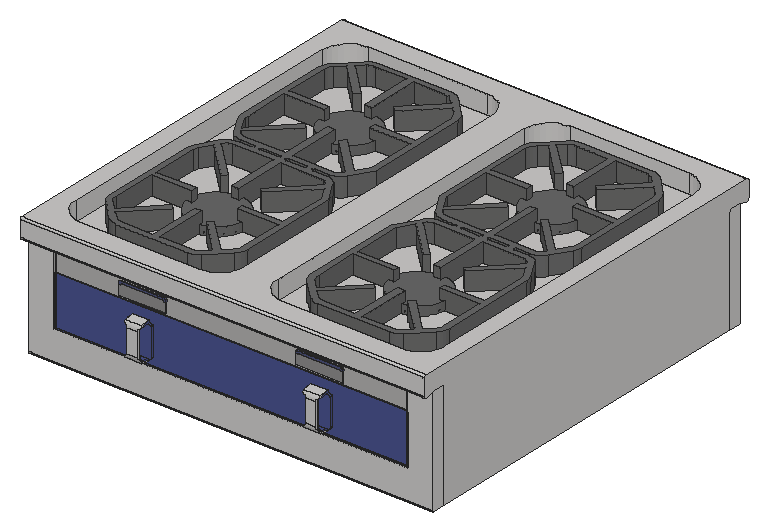
Revit family "QF_ELECTROLUXPROFESSIONAL_588041_MAGGACHOPO", category Specialty Equipment, Revit 2018
Family settings
  Round Connector Dimension = Use Diameter
  Part Type = Normal
  Work Plane-Based = No
  Always vertical = Yes
  Cut with Voids When Loaded = No
  Shared = No
  Room Calculation Point = No
Parameters
  Weight in Pounds = 138.891
  Watts = 0 W
  URL Cutsheet = ""
  Type Mark [instance] = ""
  Status [instance] = ""
  Specification by User [instance] = ""
  Specification by Manufacturer = ""
  Show Clearance [instance] = yes
  Serial Number = ""
  Seismic Rating = ""
  SMACNA No = ""
  Revision Code [instance] = ""
  Omniclass Number and Title = ""
  NAFEM Spec ID Number = ""
  Model = "588041"
  Mechanical Remarks [instance] = ""
  Mechanical Connection Type [instance] = ""
  Masterspec = ""
  Manufacturer = "ELECTROLUX"
  Item Number [instance] = ""
  Installed By [instance] = ""
  Identify Quantity as Lot [instance] = yes
  HP = "0 HP"
  Gas Size = 1/2"
  Gas RI Height [instance] = 0 mm
  Gas KW = 28
  Gas Input = 95452.0 Btu/h
  Gas Connection Height [instance] = 0 mm
  Furnished By [instance] = ""
  Foodservice Equipment Identifier [instance] = yes
  Direct Waste Size = 0"
  Description = "GAS TOP,4 BURNERS,2-SIDE,800X800X250H"
  CSI MasterFormat = ""
  CSI Master Format = ""
Reference planes
  plane 1 "BACK": y = 0
  plane 2: z = 0
  plane 3 "LEFT": x = 0
  plane 4 "RIGHT": x = 800
  plane 5 "FRONT": y = -800
  plane 6 "TOP": z = 250
  plane 7: x = 400
  plane 8: y = -400
  plane 9: z = 370
  plane 10: x = 765
  plane 11: y = -60.425
Forms (mm)
  Extrusion 1, solid, material "QF_Finishes_Stainless Steel"
    sketch origin (0, -487.128, 0) x (0, 1, 0) y (0, 0, 1)
      loop
        line (483.128, 250) -> (-308.872, 250)
        arc (-308.872, 250) -> (-311.7, 248.828) -> (-312.872, 246) r 4
        line (-312.872, 246) -> (-312.872, 214)
        arc (-312.872, 214) -> (-311.437, 210.931) -> (-308.161, 210.064) r 4
        line (-308.161, 210.064) -> (-292.872, 213) -> (-267.872, 213) -> (-267.872, 0) -> (442.128, 0) -> (442.128, 213) -> (465.765, 213) -> (482.433, 210.061)
        arc (482.433, 210.061) -> (485.699, 210.936) -> (487.128, 214) r 4
        line (487.128, 214) -> (487.128, 246)
        arc (487.128, 246) -> (485.956, 248.828) -> (483.128, 250) r 4
    from 0 to 800
  Extrusion 2, void
    sketch origin (653.786, 44.048, 250) x (1, 0, 0) y (0, -1, 0)
      loop
        line (-570.234, 89.462) -> (-334.333, 89.462)
        arc (-334.333, 89.462) -> (-299.707, 103.805) -> (-285.364, 138.432) r 48.97
        line (-285.364, 138.432) -> (-285.364, 750.078)
        arc (-285.364, 750.078) -> (-299.707, 784.705) -> (-334.333, 799.048) r 48.97
        line (-334.333, 799.048) -> (-570.234, 799.048)
        arc (-570.234, 799.048) -> (-605.59, 784.403) -> (-620.234, 749.048) r 50
        line (-620.234, 749.048) -> (-620.234, 139.462)
        arc (-620.234, 139.462) -> (-605.59, 104.107) -> (-570.234, 89.462) r 50
      loop
        line (64.679, 799.048) -> (-171.222, 799.048)
        arc (-171.222, 799.048) -> (-206.577, 784.403) -> (-221.222, 749.048) r 50
        line (-221.222, 749.048) -> (-221.222, 139.462)
        arc (-221.222, 139.462) -> (-206.577, 104.107) -> (-171.222, 89.462) r 50
        line (-171.222, 89.462) -> (64.679, 89.462)
        arc (64.679, 89.462) -> (99.306, 103.805) -> (113.649, 138.432) r 48.97
        line (113.649, 138.432) -> (113.649, 750.078)
        arc (113.649, 750.078) -> (99.306, 784.705) -> (64.679, 799.048) r 48.97
    from 0 to 37
  Extrusion 3, solid, material "QF_Finishes_Stainless Steel"
    sketch origin (10, -560, 0) x (1, 0, 0) y (0, -1, 0)
      loop
        circle (755, -70) r 6.35
    from 0 to 3.2
Cuts and joins
  Extrusion 2 cuts Extrusion 1
Lines and regions (mm)
  symbolic lines
    curve 1: line (0, 0, 0) -> (800, 0, 0)
    curve 2: line (0, -800, 0) -> (0, 0, 0)
    curve 3: line (800, -800, 0) -> (0, -800, 0)
    curve 4: line (800, 0, 0) -> (800, -800, 0)
    curve 5: arc (83.552, -755, 0) -> (48.197, -740.355, 0) -> (33.552, -705, 0) r 50
    curve 6: line (33.552, -705, 0) -> (33.552, -95.414, 0)
    curve 7: arc (33.552, -95.414, 0) -> (48.197, -60.059, 0) -> (83.552, -45.414, 0) r 50
    curve 8: line (83.552, -45.414, 0) -> (317.592, -45.414, 0)
    curve 9: arc (718.465, -45.414, 0) -> (753.092, -59.757, 0) -> (767.435, -94.384, 0) r 48.97
    curve 10: line (767.435, -94.384, 0) -> (767.435, -706.03, 0)
    curve 11: arc (767.435, -706.03, 0) -> (753.092, -740.657, 0) -> (718.465, -755, 0) r 48.97
    curve 12: line (718.465, -755, 0) -> (482.408, -755, 0)
    curve 13: line (482.408, -45.414, 0) -> (718.465, -45.414, 0)
    curve 14: line (317.592, -755, 0) -> (83.552, -755, 0)
    curve 15: arc (482.408, -755, 0) -> (447.053, -740.355, 0) -> (432.408, -705, 0) r 50
    curve 16: line (432.408, -705, 0) -> (432.408, -95.414, 0)
    curve 17: arc (432.408, -95.414, 0) -> (447.053, -60.059, 0) -> (482.408, -45.414, 0) r 50
    curve 18: arc (317.592, -755, 0) -> (352.947, -740.355, 0) -> (367.592, -705, 0) r 50
    curve 19: line (367.592, -705, 0) -> (367.592, -95.414, 0)
    curve 20: arc (367.592, -95.414, 0) -> (352.947, -60.059, 0) -> (317.592, -45.414, 0) r 50
Dimensions and locks
  plane 3 "LEFT" to plane 4 "RIGHT" = 800 mm
  plane 5 "FRONT" to plane 1 "BACK" = 800 mm
  equal spacing: plane 3 "LEFT", plane 7, plane 4 "RIGHT"
  equal spacing: plane 5 "FRONT", plane 8, plane 1 "BACK"
  plane 6 "TOP" to level = 250 mm  (x2)
  plane 1 "BACK" to plane 5 "FRONT" = 800 mm
  Extrusion 3 sketch curve to plane 1 "BACK" = 490 mm
  Extrusion 3 sketch curve to plane 4 "RIGHT" = 35 mm
  plane 1 "BACK" to Extrusion 3 = 490 mm
  locked: plane 10 to plane 4 "RIGHT" at 35
  aligned and locked: level to plane 2
  aligned and locked: Extrusion 1 to plane 4 "RIGHT"
Automatic sketch dimensions
  Extrusion 1 sketch curve to plane 5 "FRONT" = 0 mm
  Extrusion 1 sketch curve to plane 6 "TOP" = 0 mm
  Extrusion 1 sketch curve to level = 0 mm
  Extrusion 1 sketch curve to plane 1 "BACK" = 0 mm
  Extrusion 1 sketch curve to plane 6 "TOP" = 37 mm  (x2)
  Extrusion 1 sketch curve to plane 5 "FRONT" = 4 mm
  Extrusion 1 sketch curve to plane 5 "FRONT" = 20 mm
  Extrusion 1 sketch curve to plane 5 "FRONT" = 45 mm
  plane 1 "BACK" to Extrusion 1 sketch curve = 21.363 mm
  plane 1 "BACK" to Extrusion 1 sketch curve = 4 mm  (x2)
  Extrusion 1 sketch curve to Extrusion 1 sketch curve = 4 mm
  Extrusion 1 sketch curve to Extrusion 1 sketch curve = 0.711 mm
  plane 1 "BACK" to Extrusion 1 sketch curve = 4.695 mm
  Extrusion 1 sketch curve to Extrusion 1 sketch curve = 0 mm  (x2)
  Extrusion 1 sketch curve to Extrusion 1 sketch curve = 1 mm  (x2)
  plane 1 "BACK" to Extrusion 1 sketch curve = 45 mm
  plane 1 "BACK" to curve 1 = 0 mm
  curve 1 to plane 4 "RIGHT" = 0 mm
  curve 3 to plane 3 "LEFT" = 0 mm
  plane 5 "FRONT" to curve 3 = 0 mm
  curve 10 to plane 10 = 2.435 mm
  plane 11 to curve 13 = 15.012 mm
  plane 10 to curve 13 = 46.535 mm
  plane 10 to curve 12 = 46.535 mm
  plane 7 to curve 16 = 32.408 mm
  curve 19 to plane 7 = 32.408 mm
  plane 3 "LEFT" to curve 8 = 83.552 mm
  plane 3 "LEFT" to curve 14 = 83.552 mm
  plane 3 "LEFT" to curve 6 = 33.552 mm
  curve 15 to curve 16 = 50 mm
  curve 20 to plane 11 = 34.988 mm
  curve 18 to plane 5 "FRONT" = 45 mm
  curve 19 to curve 18 = 50 mm
  Extrusion 1 to Extrusion 2 sketch curve = 33.552 mm
  Extrusion 1 to Extrusion 2 sketch curve = 41 mm  (x2)
  Extrusion 2 sketch curve to Extrusion 2 sketch curve = 50 mm  (x4)
  Extrusion 1 to Extrusion 2 sketch curve = 41.414 mm
  Extrusion 2 sketch curve to Extrusion 2 sketch curve = 235.901 mm  (x2)
  Extrusion 2 sketch curve to Extrusion 2 sketch curve = 48.97 mm
  Extrusion 2 sketch curve to Extrusion 2 sketch curve = 64.142 mm
  Extrusion 1 to Extrusion 2 sketch curve = 81.535 mm  (x2)
  Extrusion 1 to Extrusion 2 sketch curve = 32.565 mm
  Extrusion 2 sketch curve to Extrusion 2 sketch curve = 1.03 mm
  curve 18 to curve 16 = 0 mm
  plane 11 to curve 8 = 15.012 mm
  curve 16 to plane 11 = 34.988 mm
  radius of Extrusion 3 sketch curve = 6.35 mm
Nested families
  nested 1: "OBT_800_Open Burner" at (200, -400.207, -649.319), type "OBT_800_Open Burner"
  nested 2: "OBT_800_Open Burner" at (600, -400.207, -649.319) x (-1, 0, 0) z (0, 0, 1), type "OBT_800_Open Burner"
  nested 3: "EG_800_1000_Double Range Control Handle Front & Back Panel" at (202.376, -755, -650), type "EG_800_1000_Double Range Control Handle Front & Back"
  nested 4: "EG_800_500_Single Range Control Handle Back Panel" at (597.624, -45, -650) x (-1, 0, 0) z (0, 0, 1), type "EG_800_500_Single Range Control Handle Back Panel"
Connectors
  piping at (765, -490, -3.2), diameter 12.8
    settings: on Extrusion 3, index 1, connector inside diameter 0.50394", connector length 0 mm, flow factor 0, pipe flow 0 GPM, pressure drop 0.00 psi, fitting loss kfactor 0, connector angle 0.00°, fixture units 0, engagement length 0 mm, angle of deflection 0.00°, flow configuration 1, flow direction 1, fitting loss method 0, system type 7, joint type 0, gender type 0, connector reference index -1, connector utility 0, adjustable connector no, is connector primary yes, connector description "GAS CONNECTION"
Definition of nested family "OBT_800_Open Burner"
  Reference planes
    plane 1 "Center (Front/Back)": y = 0
    plane 2: z = 0
    plane 3 "Center (Left/Right)": x = 0
    plane 4: x = -136.448
    plane 5: x = 137.435
    plane 6: y = 324.793
    plane 7: y = -324.793
  Forms (mm)
    Extrusion 1, solid
      sketch origin (2130.573, 56.896, -679.622) x (1, 0, 0) y (0, 1, 0)
        loop
          line (-2137.44, 256.49) -> (-2200.793, 256.49)
          arc (-2200.793, 256.49) -> (-2207.908, 255.075) -> (-2213.94, 251.044) r 18.593
          line (-2213.94, 251.044) -> (-2226.233, 238.751) -> (-2163.48, 175.998) -> (-2171.6, 167.877) -> (-2234.354, 230.631) -> (-2250.33, 214.654)
          arc (-2250.33, 214.654) -> (-2254.433, 208.337) -> (-2255.614, 200.897) r 18.125
          line (-2255.614, 200.897) -> (-2255.614, 113.422) -> (-2175.79, 113.422) -> (-2175.79, 101.938) -> (-2255.614, 101.938) -> (-2255.614, 10.897)
          arc (-2255.614, 10.897) -> (-2254.981, 6.085) -> (-2253.123, 1.601) r 18.593
          line (-2253.123, 1.601) -> (-2240.078, -20.994) -> (-2171.6, 47.483) -> (-2163.48, 39.363) -> (-2234.012, -31.169)
          arc (-2234.012, -31.169) -> (-2228.546, -38.527) -> (-2220.23, -42.379) r 18.593
          line (-2220.23, -42.379) -> (-2137.44, -42.379) -> (-2137.44, 62.464) -> (-2123.707, 62.464) -> (-2123.707, -42.379) -> (-2039.969, -42.379)
          arc (-2039.969, -42.379) -> (-2031.653, -38.527) -> (-2026.187, -31.169) r 18.593
          line (-2026.187, -31.169) -> (-2097.271, 39.915) -> (-2089.15, 48.035) -> (-2020.118, -20.997) -> (-2004.585, 5.916) -> (-2004.585, 101.938) -> (-2085.357, 101.938) -> (-2085.357, 113.422) -> (-2004.585, 113.422) -> (-2004.585, 197.888)
          arc (-2004.585, 197.888) -> (-2006.695, 208.496) -> (-2012.704, 217.489) r 27.72
          line (-2012.704, 217.489) -> (-2025.845, 230.631) -> (-2089.15, 167.325) -> (-2097.271, 175.446) -> (-2033.966, 238.751) -> (-2046.259, 251.044)
          arc (-2046.259, 251.044) -> (-2052.291, 255.075) -> (-2059.406, 256.49) r 18.593
          line (-2059.406, 256.49) -> (-2123.707, 256.49) -> (-2123.707, 152.897) -> (-2137.44, 152.897) -> (-2137.44, 256.49)
        loop
          arc (-2267.021, 10.897) -> (-2265.999, 3.132) -> (-2263.002, -4.103) r 30
          line (-2263.002, -4.103) -> (-2242.795, -39.103)
          arc (-2242.795, -39.103) -> (-2231.814, -50.084) -> (-2216.814, -54.103) r 30
          line (-2216.814, -54.103) -> (-2189.287, -54.103)
          arc (-2189.287, -54.103) -> (-2188.243, -56) -> (-2186.272, -56.896) r 3.438
          arc (-2186.272, -56.896) -> (-2188.243, -57.792) -> (-2189.287, -59.689) r 3.438
          line (-2189.287, -59.689) -> (-2216.814, -59.689)
          arc (-2216.814, -59.689) -> (-2231.814, -63.708) -> (-2242.795, -74.689) r 30
          line (-2242.795, -74.689) -> (-2263.002, -109.689)
          arc (-2263.002, -109.689) -> (-2265.999, -116.924) -> (-2267.021, -124.689) r 30
          line (-2267.021, -124.689) -> (-2267.021, -315.461)
          arc (-2267.021, -315.461) -> (-2264.738, -326.941) -> (-2258.234, -336.674) r 30
          line (-2258.234, -336.674) -> (-2221.975, -372.933)
          arc (-2221.975, -372.933) -> (-2212.253, -379.414) -> (-2200.793, -381.689) r 30
          line (-2200.793, -381.689) -> (-2059.406, -381.689)
          arc (-2059.406, -381.689) -> (-2047.942, -379.412) -> (-2038.218, -372.928) r 30
          line (-2038.218, -372.928) -> (-2001.964, -336.674)
          arc (-2001.964, -336.674) -> (-1995.461, -326.941) -> (-1993.138, -315.461) r 30
          line (-1993.138, -315.461) -> (-1993.138, -116.719) -> (-2017.404, -74.689)
          arc (-2017.404, -74.689) -> (-2028.385, -63.708) -> (-2043.385, -59.689) r 30
          line (-2043.385, -59.689) -> (-2070.476, -59.689)
          arc (-2070.476, -59.689) -> (-2072.136, -57.759) -> (-2074.531, -56.896) r 5
          arc (-2074.531, -56.896) -> (-2072.136, -56.033) -> (-2070.476, -54.103) r 5
          line (-2070.476, -54.103) -> (-2043.385, -54.103)
          arc (-2043.385, -54.103) -> (-2028.385, -50.084) -> (-2017.404, -39.103) r 30
          line (-2017.404, -39.103) -> (-1993.294, 2.656) -> (-1993.294, 204.314)
          arc (-1993.294, 204.314) -> (-1995.995, 214.361) -> (-2001.964, 222.882) r 30
          line (-2001.964, 222.882) -> (-2038.218, 259.136)
          arc (-2038.218, 259.136) -> (-2047.942, 265.62) -> (-2059.406, 267.897) r 30
          line (-2059.406, 267.897) -> (-2200.793, 267.897)
          arc (-2200.793, 267.897) -> (-2212.253, 265.622) -> (-2221.975, 259.141) r 30
          line (-2221.975, 259.141) -> (-2258.234, 222.882)
          arc (-2258.234, 222.882) -> (-2264.738, 213.149) -> (-2267.021, 201.669) r 30
          line (-2267.021, 201.669) -> (-2267.021, 10.897)
        loop
          arc (-2122.397, -54.103) -> (-2124.057, -56.033) -> (-2126.452, -56.896) r 5
          arc (-2126.452, -56.896) -> (-2124.057, -57.759) -> (-2122.397, -59.689) r 5
          line (-2122.397, -59.689) -> (-2085.985, -59.689)
          arc (-2085.985, -59.689) -> (-2084.941, -57.792) -> (-2082.97, -56.896) r 3.438
          arc (-2082.97, -56.896) -> (-2084.941, -56) -> (-2085.985, -54.103) r 3.438
          line (-2085.985, -54.103) -> (-2122.397, -54.103)
        loop
          arc (-2173.778, -54.103) -> (-2175.438, -56.033) -> (-2177.833, -56.896) r 5
          arc (-2177.833, -56.896) -> (-2175.438, -57.759) -> (-2173.778, -59.689) r 5
          line (-2173.778, -59.689) -> (-2137.906, -59.689)
          arc (-2137.906, -59.689) -> (-2136.862, -57.792) -> (-2134.891, -56.896) r 3.438
          arc (-2134.891, -56.896) -> (-2136.862, -56) -> (-2137.906, -54.103) r 3.438
          line (-2137.906, -54.103) -> (-2173.778, -54.103)
        loop
          line (-2137.44, -370.282) -> (-2137.44, -265.439) -> (-2123.707, -265.439) -> (-2123.707, -370.282) -> (-2059.406, -370.282)
          arc (-2059.406, -370.282) -> (-2052.291, -368.867) -> (-2046.259, -364.836) r 18.593
          line (-2046.259, -364.836) -> (-2033.341, -351.918) -> (-2097.271, -287.988) -> (-2089.15, -279.867) -> (-2025.22, -343.798) -> (-2012.704, -331.281)
          arc (-2012.704, -331.281) -> (-2006.695, -322.288) -> (-2004.585, -311.68) r 27.72
          line (-2004.585, -311.68) -> (-2004.585, -225.964) -> (-2085.357, -225.964) -> (-2085.357, -214.48) -> (-2004.585, -214.48) -> (-2004.585, -119.708) -> (-2020.576, -92.003) -> (-2089.15, -160.577) -> (-2097.271, -152.457) -> (-2026.57, -81.755)
          arc (-2026.57, -81.755) -> (-2032.024, -74.971) -> (-2039.969, -71.413) r 18.593
          line (-2039.969, -71.413) -> (-2123.707, -71.413) -> (-2123.707, -175.006) -> (-2137.44, -175.006) -> (-2137.44, -71.413) -> (-2220.23, -71.413)
          arc (-2220.23, -71.413) -> (-2228.175, -74.971) -> (-2233.629, -81.755) r 18.593
          line (-2233.629, -81.755) -> (-2163.48, -151.905) -> (-2171.6, -160.025) -> (-2239.62, -92.005) -> (-2253.123, -115.393)
          arc (-2253.123, -115.393) -> (-2254.981, -119.877) -> (-2255.614, -124.689) r 18.593
          line (-2255.614, -124.689) -> (-2255.614, -214.48) -> (-2175.79, -214.48) -> (-2175.79, -225.964) -> (-2255.614, -225.964) -> (-2255.614, -314.689)
          arc (-2255.614, -314.689) -> (-2254.433, -322.129) -> (-2250.33, -328.446) r 18.125
          line (-2250.33, -328.446) -> (-2234.979, -343.798) -> (-2171.6, -280.419) -> (-2163.48, -288.54) -> (-2226.858, -351.918) -> (-2213.94, -364.836)
          arc (-2213.94, -364.836) -> (-2207.908, -368.867) -> (-2200.793, -370.282) r 18.593
          line (-2200.793, -370.282) -> (-2137.44, -370.282)
      from 1542.072 to 1578.941
    Extrusion 2, solid
      sketch origin (2130.573, 86.122, 0) x (1, 0, 0) y (0, 1, 0)
        loop
          circle (-2130.573, -249.448) r 55
        loop
          circle (-2130.573, 78.455) r 55
      from 862.45 to 879.837
    Extrusion 3, void
      sketch origin (-124.371, -330.785, -22.784) x (-0.587785, -0.809017, 0) y (0, 0, 1)
        loop
          circle (-213.495, 891.283) r 1
      from -67.69 to -35.114
    Extrusion 4, void
      sketch origin (-89.903, -351.417, -22.784) x (-0.422618, -0.906308, 0) y (0, 0, 1)
        loop
          circle (-213.495, 891.283) r 1
      from -74.826 to -35.114
    Extrusion 5, void
      sketch origin (-52.131, -365.093, -22.784) x (-0.241922, -0.970296, 0) y (0, 0, 1)
        loop
          circle (-213.495, 891.283) r 1
      from -67.69 to -35.114
    Extrusion 6, void
      sketch origin (27.702, -369.842, -22.784) x (0.139173, -0.990268, 0) y (0, 0, 1)
        loop
          circle (-213.495, 891.283) r 1
      from -67.69 to -35.114
    Extrusion 7, void
      sketch origin (66.829, -360.74, -22.784) x (0.325568, -0.945519, 0) y (0, 0, 1)
        loop
          circle (-213.495, 891.283) r 1
      from -67.69 to -35.114
    Extrusion 8, void
      sketch origin (103.5, -344.339, -22.784) x (0.5, -0.866025, 0) y (0, 0, 1)
        loop
          circle (-213.495, 891.283) r 1
      from -67.69 to -35.114
    Extrusion 9, void
      sketch origin (136.368, -321.242, -22.784) x (0.656059, -0.75471, 0) y (0, 0, 1)
        loop
          circle (-213.495, 891.283) r 1
      from -67.69 to -35.114
    Extrusion 10, void
      sketch origin (164.225, -292.298, -22.784) x (0.788011, -0.615661, 0) y (0, 0, 1)
        loop
          circle (-213.495, 891.283) r 1
      from -67.69 to -35.114
    Extrusion 11, void
      sketch origin (186.048, -258.571, -22.784) x (0.891007, -0.45399, 0) y (0, 0, 1)
        loop
          circle (-213.495, 891.283) r 1
      from -67.69 to -35.114
    Extrusion 12, void
      sketch origin (201.034, -221.299, -22.784) x (0.961262, -0.275637, 0) y (0, 0, 1)
        loop
          circle (-213.495, 891.283) r 1
      from -67.69 to -35.114
    Extrusion 13, void
      sketch origin (208.566, -141.681, -22.784) x (0.994522, 0.104528, 0) y (0, 0, 1)
        loop
          circle (-213.495, 891.283) r 1
      from -67.69 to -35.114
    Extrusion 14, void
      sketch origin (200.835, -102.26, -22.784) x (0.956305, 0.292372, 0) y (0, 0, 1)
        loop
          circle (-213.495, 891.283) r 1
      from -67.69 to -35.114
    Extrusion 15, void
      sketch origin (185.724, -65.039, -22.784) x (0.882948, 0.469472, 0) y (0, 0, 1)
        loop
          circle (-213.495, 891.283) r 1
      from -67.69 to -35.114
    Extrusion 16, void
      sketch origin (163.788, -31.385, -22.784) x (0.777146, 0.62932, 0) y (0, 0, 1)
        loop
          circle (-213.495, 891.283) r 1
      from -67.69 to -35.114
    Extrusion 17, void
      sketch origin (135.834, -2.534, -22.784) x (0.642788, 0.766044, 0) y (0, 0, 1)
        loop
          circle (-213.495, 891.283) r 1
      from -67.69 to -35.114
    Extrusion 18, void
      sketch origin (102.889, 20.452, -22.784) x (0.48481, 0.87462, 0) y (0, 0, 1)
        loop
          circle (-213.495, 891.283) r 1
      from -67.69 to -35.114
    Extrusion 19, void
      sketch origin (66.163, 36.73, -22.784) x (0.309017, 0.951057, 0) y (0, 0, 1)
        loop
          circle (-213.495, 891.283) r 1
      from -67.69 to -35.114
    Extrusion 20, void
      sketch origin (-52.811, 40.685, -22.784) x (-0.258819, 0.965926, 0) y (0, 0, 1)
        loop
          circle (-213.495, 891.283) r 1
      from -67.69 to -35.114
    Extrusion 21, void
      sketch origin (-90.537, 26.882, -22.784) x (-0.438371, 0.898794, 0) y (0, 0, 1)
        loop
          circle (-213.495, 891.283) r 1
      from -67.69 to -35.114
    Extrusion 22, void
      sketch origin (-124.936, 6.135, -22.784) x (-0.601815, 0.798636, 0) y (0, 0, 1)
        loop
          circle (-213.495, 891.283) r 1
      from -67.69 to -35.114
    Extrusion 23, void
      sketch origin (-154.744, -20.796, -22.784) x (-0.743145, 0.669131, 0) y (0, 0, 1)
        loop
          circle (-213.495, 891.283) r 1
      from -67.69 to -35.114
    Extrusion 24, void
      sketch origin (-178.866, -52.919, -22.784) x (-0.857167, 0.515038, 0) y (0, 0, 1)
        loop
          circle (-213.495, 891.283) r 1
      from -67.69 to -35.114
    Extrusion 25, void
      sketch origin (-196.416, -89.054, -22.784) x (-0.939693, 0.34202, 0) y (0, 0, 1)
        loop
          circle (-213.495, 891.283) r 1
      from -67.69 to -35.114
    Extrusion 26, void
      sketch origin (-204.521, -207.817, -22.784) x (-0.97437, -0.224951, 0) y (0, 0, 1)
        loop
          circle (-213.495, 891.283) r 1
      from -67.69 to -35.114
    Extrusion 27, void
      sketch origin (-192.043, -246.002, -22.784) x (-0.913545, -0.406737, 0) y (0, 0, 1)
        loop
          circle (-213.495, 891.283) r 1
      from -67.69 to -35.114
    Extrusion 28, void
      sketch origin (-172.509, -281.104, -22.784) x (-0.819152, -0.573576, 0) y (0, 0, 1)
        loop
          circle (-213.495, 891.283) r 1
      from -67.69 to -35.114
    Extrusion 29, void
      sketch origin (-146.635, -311.834, -22.784) x (-0.694658, -0.71934, 0) y (0, 0, 1)
        loop
          circle (-213.495, 891.283) r 1
      from -67.69 to -35.114
    Extrusion 30, void
      sketch origin (-124.371, -2.882, -22.784) x (-0.587785, -0.809017, 0) y (0, 0, 1)
        loop
          circle (-213.495, 891.283) r 1
      from -67.69 to -35.114
    Extrusion 31, void
      sketch origin (-89.903, -23.515, -22.784) x (-0.422618, -0.906308, 0) y (0, 0, 1)
        loop
          circle (-213.495, 891.283) r 1
      from -74.826 to -35.114
    Extrusion 32, void
      sketch origin (-52.131, -37.191, -22.784) x (-0.241922, -0.970296, 0) y (0, 0, 1)
        loop
          circle (-213.495, 891.283) r 1
      from -67.69 to -35.114
    Extrusion 33, void
      sketch origin (27.702, -41.939, -22.784) x (0.139173, -0.990268, 0) y (0, 0, 1)
        loop
          circle (-213.495, 891.283) r 1
      from -67.69 to -35.114
    Extrusion 34, void
      sketch origin (66.829, -32.837, -22.784) x (0.325568, -0.945519, 0) y (0, 0, 1)
        loop
          circle (-213.495, 891.283) r 1
      from -67.69 to -35.114
    Extrusion 35, void
      sketch origin (103.5, -16.436, -22.784) x (0.5, -0.866025, 0) y (0, 0, 1)
        loop
          circle (-213.495, 891.283) r 1
      from -67.69 to -35.114
    Extrusion 36, void
      sketch origin (136.368, 6.66, -22.784) x (0.656059, -0.75471, 0) y (0, 0, 1)
        loop
          circle (-213.495, 891.283) r 1
      from -67.69 to -35.114
    Extrusion 37, void
      sketch origin (164.225, 35.604, -22.784) x (0.788011, -0.615661, 0) y (0, 0, 1)
        loop
          circle (-213.495, 891.283) r 1
      from -67.69 to -35.114
    Extrusion 38, void
      sketch origin (186.048, 69.332, -22.784) x (0.891007, -0.45399, 0) y (0, 0, 1)
        loop
          circle (-213.495, 891.283) r 1
      from -67.69 to -35.114
    Extrusion 39, void
      sketch origin (201.034, 106.603, -22.784) x (0.961262, -0.275637, 0) y (0, 0, 1)
        loop
          circle (-213.495, 891.283) r 1
      from -67.69 to -35.114
    Extrusion 40, void
      sketch origin (208.566, 186.222, -22.784) x (0.994522, 0.104528, 0) y (0, 0, 1)
        loop
          circle (-213.495, 891.283) r 1
      from -67.69 to -35.114
    Extrusion 41, void
      sketch origin (200.835, 225.642, -22.784) x (0.956305, 0.292372, 0) y (0, 0, 1)
        loop
          circle (-213.495, 891.283) r 1
      from -67.69 to -35.114
    Extrusion 42, void
      sketch origin (185.724, 262.864, -22.784) x (0.882948, 0.469472, 0) y (0, 0, 1)
        loop
          circle (-213.495, 891.283) r 1
      from -67.69 to -35.114
    Extrusion 43, void
      sketch origin (163.788, 296.518, -22.784) x (0.777146, 0.62932, 0) y (0, 0, 1)
        loop
          circle (-213.495, 891.283) r 1
      from -67.69 to -35.114
    Extrusion 44, void
      sketch origin (135.834, 325.368, -22.784) x (0.642788, 0.766044, 0) y (0, 0, 1)
        loop
          circle (-213.495, 891.283) r 1
      from -67.69 to -35.114
    Extrusion 45, void
      sketch origin (102.889, 348.355, -22.784) x (0.48481, 0.87462, 0) y (0, 0, 1)
        loop
          circle (-213.495, 891.283) r 1
      from -67.69 to -35.114
    Extrusion 46, void
      sketch origin (66.163, 364.633, -22.784) x (0.309017, 0.951057, 0) y (0, 0, 1)
        loop
          circle (-213.495, 891.283) r 1
      from -67.69 to -35.114
    Extrusion 47, void
      sketch origin (-52.811, 368.588, -22.784) x (-0.258819, 0.965926, 0) y (0, 0, 1)
        loop
          circle (-213.495, 891.283) r 1
      from -67.69 to -35.114
    Extrusion 48, void
      sketch origin (-90.537, 354.785, -22.784) x (-0.438371, 0.898794, 0) y (0, 0, 1)
        loop
          circle (-213.495, 891.283) r 1
      from -67.69 to -35.114
    Extrusion 49, void
      sketch origin (-124.936, 334.037, -22.784) x (-0.601815, 0.798636, 0) y (0, 0, 1)
        loop
          circle (-213.495, 891.283) r 1
      from -67.69 to -35.114
    Extrusion 50, void
      sketch origin (-154.744, 307.107, -22.784) x (-0.743145, 0.669131, 0) y (0, 0, 1)
        loop
          circle (-213.495, 891.283) r 1
      from -67.69 to -35.114
    Extrusion 51, void
      sketch origin (-178.866, 274.984, -22.784) x (-0.857167, 0.515038, 0) y (0, 0, 1)
        loop
          circle (-213.495, 891.283) r 1
      from -67.69 to -35.114
    Extrusion 52, void
      sketch origin (-196.416, 238.848, -22.784) x (-0.939693, 0.34202, 0) y (0, 0, 1)
        loop
          circle (-213.495, 891.283) r 1
      from -67.69 to -35.114
    Extrusion 53, void
      sketch origin (-204.521, 120.086, -22.784) x (-0.97437, -0.224951, 0) y (0, 0, 1)
        loop
          circle (-213.495, 891.283) r 1
      from -67.69 to -35.114
    Extrusion 54, void
      sketch origin (-192.043, 81.901, -22.784) x (-0.913545, -0.406737, 0) y (0, 0, 1)
        loop
          circle (-213.495, 891.283) r 1
      from -67.69 to -35.114
    Extrusion 55, void
      sketch origin (-172.509, 46.798, -22.784) x (-0.819152, -0.573576, 0) y (0, 0, 1)
        loop
          circle (-213.495, 891.283) r 1
      from -67.69 to -35.114
    Extrusion 56, void
      sketch origin (-146.635, 16.068, -22.784) x (-0.694658, -0.71934, 0) y (0, 0, 1)
        loop
          circle (-213.495, 891.283) r 1
      from -67.69 to -35.114
  Cuts and joins
    Extrusion 3, Extrusion 4, Extrusion 5, Extrusion 6, Extrusion 7, Extrusion 8, Extrusion 9, Extrusion 10, Extrusion 11, Extrusion 12, Extrusion 13, Extrusion 14, Extrusion 15, Extrusion 16, Extrusion 17, Extrusion 18, Extrusion 19, Extrusion 20, Extrusion 21, Extrusion 22, Extrusion 23, Extrusion 24, Extrusion 25, Extrusion 26, Extrusion 27, Extrusion 28, Extrusion 29, Extrusion 30, Extrusion 31, Extrusion 32, Extrusion 33, Extrusion 34, Extrusion 35, Extrusion 36, Extrusion 37, Extrusion 38, Extrusion 39, Extrusion 40, Extrusion 41, Extrusion 42, Extrusion 43, Extrusion 44, Extrusion 45, Extrusion 46, Extrusion 47, Extrusion 48, Extrusion 49, Extrusion 50, Extrusion 51, Extrusion 52, Extrusion 53, Extrusion 54, Extrusion 55, Extrusion 56 cuts Extrusion 2
    Extrusion 32 cuts Extrusion 1
  Lines and regions (mm)
    symbolic lines
      curve 1: line (-103.78, 287.527, 0) -> (-41.027, 224.773, 0)
      curve 2: line (-41.027, 224.773, 0) -> (-32.906, 232.894, 0)
      curve 3: line (-32.906, 232.894, 0) -> (-95.66, 295.647, 0)
      curve 4: line (-95.66, 295.647, 0) -> (-83.367, 307.94, 0)
      curve 5: arc (-83.367, 307.94, 0) -> (-77.335, 311.971, 0) -> (-70.219, 313.386, 0) r 18.593
      curve 6: line (-70.219, 313.386, 0) -> (-6.867, 313.386, 0)
      curve 7: line (-6.867, 313.386, 0) -> (-6.867, 209.793, 0)
      curve 8: line (-6.867, 209.793, 0) -> (6.867, 209.793, 0)
      curve 9: line (6.867, 209.793, 0) -> (6.867, 313.386, 0)
      curve 10: line (6.867, 313.386, 0) -> (71.168, 313.386, 0)
      curve 11: arc (71.168, 313.386, 0) -> (78.283, 311.971, 0) -> (84.315, 307.94, 0) r 18.593
      curve 12: line (84.315, 307.94, 0) -> (96.608, 295.647, 0)
      curve 13: line (96.608, 295.647, 0) -> (33.302, 232.342, 0)
      curve 14: line (33.302, 232.342, 0) -> (41.423, 224.221, 0)
      curve 15: line (41.423, 224.221, 0) -> (104.728, 287.527, 0)
      curve 16: line (104.728, 287.527, 0) -> (117.87, 274.385, 0)
      curve 17: arc (117.87, 274.385, 0) -> (123.879, 265.392, 0) -> (125.989, 254.784, 0) r 27.72
      curve 18: line (125.989, 254.784, 0) -> (125.989, 170.318, 0)
      curve 19: line (125.989, 170.318, 0) -> (45.217, 170.318, 0)
      curve 20: line (45.217, 170.318, 0) -> (45.217, 158.834, 0)
      curve 21: line (45.217, 158.834, 0) -> (125.989, 158.834, 0)
      curve 22: line (125.989, 158.834, 0) -> (125.989, 62.812, 0)
      curve 23: line (125.989, 62.812, 0) -> (110.455, 35.899, 0)
      curve 24: line (110.455, 35.899, 0) -> (41.423, 104.931, 0)
      curve 25: line (41.423, 104.931, 0) -> (33.302, 96.811, 0)
      curve 26: line (33.302, 96.811, 0) -> (104.386, 25.727, 0)
      curve 27: arc (104.386, 25.727, 0) -> (98.921, 18.369, 0) -> (90.604, 14.517, 0) r 18.593
      curve 28: line (90.604, 14.517, 0) -> (6.867, 14.517, 0)
      curve 29: line (6.867, 14.517, 0) -> (6.867, 119.36, 0)
      curve 30: line (6.867, 119.36, 0) -> (-6.867, 119.36, 0)
      curve 31: line (-6.867, 119.36, 0) -> (-6.867, 14.517, 0)
      curve 32: line (-6.867, 14.517, 0) -> (-89.656, 14.517, 0)
      curve 33: arc (-89.656, 14.517, 0) -> (-97.973, 18.369, 0) -> (-103.438, 25.727, 0) r 18.593
      curve 34: line (-103.438, 25.727, 0) -> (-32.906, 96.259, 0)
      curve 35: line (-32.906, 96.259, 0) -> (-41.027, 104.379, 0)
      curve 36: line (-41.027, 104.379, 0) -> (-109.504, 35.902, 0)
      curve 37: line (-109.504, 35.902, 0) -> (-122.55, 58.497, 0)
      curve 38: arc (-122.55, 58.497, 0) -> (-124.407, 62.981, 0) -> (-125.041, 67.793, 0) r 18.593
      curve 39: line (-125.041, 67.793, 0) -> (-125.041, 158.834, 0)
      curve 40: line (-125.041, 158.834, 0) -> (-45.217, 158.834, 0)
      curve 41: line (-45.217, 158.834, 0) -> (-45.217, 170.318, 0)
      curve 42: line (-45.217, 170.318, 0) -> (-125.041, 170.318, 0)
      curve 43: line (-125.041, 170.318, 0) -> (-125.041, 257.793, 0)
      curve 44: arc (-125.041, 257.793, 0) -> (-123.86, 265.233, 0) -> (-119.757, 271.55, 0) r 18.125
      curve 45: line (-119.757, 271.55, 0) -> (-103.78, 287.527, 0)
      curve 46: line (-32.906, -95.009, 0) -> (-103.056, -24.859, 0)
      curve 47: arc (-103.056, -24.859, 0) -> (-97.601, -18.075, 0) -> (-89.656, -14.517, 0) r 18.593
      curve 48: line (-89.656, -14.517, 0) -> (-6.867, -14.517, 0)
      curve 49: line (-6.867, -14.517, 0) -> (-6.867, -118.11, 0)
      curve 50: line (-6.867, -118.11, 0) -> (6.867, -118.11, 0)
      curve 51: line (6.867, -118.11, 0) -> (6.867, -14.517, 0)
      curve 52: line (6.867, -14.517, 0) -> (90.604, -14.517, 0)
      curve 53: arc (90.604, -14.517, 0) -> (98.549, -18.075, 0) -> (104.004, -24.859, 0) r 18.593
      curve 54: line (104.004, -24.859, 0) -> (33.302, -95.561, 0)
      curve 55: line (33.302, -95.561, 0) -> (41.423, -103.681, 0)
      curve 56: line (41.423, -103.681, 0) -> (109.998, -35.107, 0)
      curve 57: line (109.998, -35.107, 0) -> (125.989, -62.812, 0)
      curve 58: line (125.989, -62.812, 0) -> (125.989, -157.584, 0)
      curve 59: line (125.989, -157.584, 0) -> (45.217, -157.584, 0)
      curve 60: line (45.217, -157.584, 0) -> (45.217, -169.068, 0)
      curve 61: line (45.217, -169.068, 0) -> (125.989, -169.068, 0)
      curve 62: line (125.989, -169.068, 0) -> (125.989, -254.784, 0)
      curve 63: arc (125.989, -254.784, 0) -> (123.879, -265.392, 0) -> (117.87, -274.385, 0) r 27.72
      curve 64: line (117.87, -274.385, 0) -> (105.353, -286.902, 0)
      curve 65: line (105.353, -286.902, 0) -> (41.423, -222.971, 0)
      curve 66: line (41.423, -222.971, 0) -> (33.302, -231.092, 0)
      curve 67: line (33.302, -231.092, 0) -> (97.233, -295.022, 0)
      curve 68: line (97.233, -295.022, 0) -> (84.315, -307.94, 0)
      curve 69: arc (84.315, -307.94, 0) -> (78.283, -311.971, 0) -> (71.168, -313.386, 0) r 18.593
      curve 70: line (71.168, -313.386, 0) -> (6.867, -313.386, 0)
      curve 71: line (6.867, -313.386, 0) -> (6.867, -208.543, 0)
      curve 72: line (6.867, -208.543, 0) -> (-6.867, -208.543, 0)
      curve 73: line (-6.867, -208.543, 0) -> (-6.867, -313.386, 0)
      curve 74: line (-6.867, -313.386, 0) -> (-70.219, -313.386, 0)
      curve 75: arc (-70.219, -313.386, 0) -> (-77.335, -311.971, 0) -> (-83.367, -307.94, 0) r 18.593
      curve 76: line (-83.367, -307.94, 0) -> (-96.285, -295.022, 0)
      curve 77: line (-96.285, -295.022, 0) -> (-32.906, -231.644, 0)
      curve 78: line (-32.906, -231.644, 0) -> (-41.027, -223.523, 0)
      curve 79: line (-41.027, -223.523, 0) -> (-104.405, -286.902, 0)
      curve 80: line (-104.405, -286.902, 0) -> (-119.757, -271.55, 0)
      curve 81: arc (-119.757, -271.55, 0) -> (-123.86, -265.233, 0) -> (-125.041, -257.793, 0) r 18.125
      curve 82: line (-125.041, -257.793, 0) -> (-125.041, -169.068, 0)
      curve 83: line (-125.041, -169.068, 0) -> (-45.217, -169.068, 0)
      curve 84: line (-45.217, -169.068, 0) -> (-45.217, -157.584, 0)
      curve 85: line (-45.217, -157.584, 0) -> (-125.041, -157.584, 0)
      curve 86: line (-125.041, -157.584, 0) -> (-125.041, -67.793, 0)
      curve 87: arc (-125.041, -67.793, 0) -> (-124.407, -62.981, 0) -> (-122.55, -58.497, 0) r 18.593
      curve 88: line (-122.55, -58.497, 0) -> (-109.047, -35.109, 0)
      curve 89: line (-109.047, -35.109, 0) -> (-41.027, -103.129, 0)
      curve 90: line (-41.027, -103.129, 0) -> (-32.906, -95.009, 0)
      curve 91: line (-132.429, 52.793, 0) -> (-112.221, 17.793, 0)
      curve 92: arc (-112.221, 17.793, 0) -> (-101.241, 6.812, 0) -> (-86.241, 2.793, 0) r 30
      curve 93: line (-86.241, 2.793, 0) -> (-58.714, 2.793, 0)
      curve 94: arc (-58.714, 2.793, 0) -> (-57.669, 0.896, 0) -> (-55.698, 0, 0) r 3.438
      curve 95: arc (-55.698, 0, 0) -> (-57.669, -0.896, 0) -> (-58.714, -2.793, 0) r 3.438
      curve 96: line (-58.714, -2.793, 0) -> (-86.241, -2.793, 0)
      curve 97: arc (-86.241, -2.793, 0) -> (-101.241, -6.812, 0) -> (-112.221, -17.793, 0) r 30
      curve 98: line (-112.221, -17.793, 0) -> (-132.429, -52.793, 0)
      curve 99: arc (-132.429, -52.793, 0) -> (-135.426, -60.028, 0) -> (-136.448, -67.793, 0) r 30
      curve 100: line (-136.448, -67.793, 0) -> (-136.448, -258.565, 0)
      curve 101: arc (-136.448, -258.565, 0) -> (-134.164, -270.045, 0) -> (-127.661, -279.778, 0) r 30
      curve 102: line (-127.661, -279.778, 0) -> (-91.401, -316.037, 0)
      curve 103: arc (-91.401, -316.037, 0) -> (-81.68, -322.518, 0) -> (-70.219, -324.793, 0) r 30
      curve 104: line (-70.219, -324.793, 0) -> (71.168, -324.793, 0)
      curve 105: arc (71.168, -324.793, 0) -> (82.631, -322.516, 0) -> (92.355, -316.032, 0) r 30
      curve 106: line (92.355, -316.032, 0) -> (128.609, -279.778, 0)
      curve 107: arc (128.609, -279.778, 0) -> (135.112, -270.045, 0) -> (137.396, -258.565, 0) r 30
      curve 108: line (137.435, -258.565, 0) -> (137.435, -59.823, 0)
      curve 109: line (137.435, -59.823, 0) -> (113.169, -17.793, 0)
      curve 110: arc (113.169, -17.793, 0) -> (102.189, -6.812, 0) -> (87.189, -2.793, 0) r 30
      curve 111: line (87.189, -2.793, 0) -> (60.098, -2.793, 0)
      curve 112: arc (60.098, -2.793, 0) -> (58.438, -0.863, 0) -> (56.042, 0, 0) r 5
      curve 113: arc (56.042, 0, 0) -> (58.438, 0.863, 0) -> (60.098, 2.793, 0) r 5
      curve 114: line (60.098, 2.793, 0) -> (87.189, 2.793, 0)
      curve 115: arc (87.189, 2.793, 0) -> (102.189, 6.812, 0) -> (113.169, 17.793, 0) r 30
      curve 116: line (113.169, 17.793, 0) -> (137.279, 59.552, 0)
      curve 117: line (137.279, 59.552, 0) -> (137.279, 261.21, 0)
      curve 118: arc (137.279, 261.21, 0) -> (134.579, 271.257, 0) -> (128.609, 279.778, 0) r 30
      curve 119: line (128.609, 279.778, 0) -> (92.355, 316.032, 0)
      curve 120: arc (92.355, 316.032, 0) -> (82.631, 322.516, 0) -> (71.168, 324.793, 0) r 30
      curve 121: line (71.168, 324.793, 0) -> (-70.219, 324.793, 0)
      curve 122: arc (-70.219, 324.793, 0) -> (-81.68, 322.518, 0) -> (-91.401, 316.037, 0) r 30
      curve 123: line (-91.401, 316.037, 0) -> (-127.661, 279.778, 0)
      curve 124: arc (-127.661, 279.778, 0) -> (-134.164, 270.045, 0) -> (-136.448, 258.565, 0) r 30
      curve 125: line (-136.448, 258.565, 0) -> (-136.448, 67.793, 0)
      curve 126: arc (-136.448, 67.793, 0) -> (-135.426, 60.028, 0) -> (-132.429, 52.793, 0) r 30
      curve 127: line (-43.204, 2.793, 0) -> (-7.333, 2.793, 0)
      curve 128: arc (-7.333, 2.793, 0) -> (-6.288, 0.896, 0) -> (-4.317, 0, 0) r 3.438
      curve 129: arc (-4.317, 0, 0) -> (-6.288, -0.896, 0) -> (-7.333, -2.793, 0) r 3.438
      curve 130: line (-7.333, -2.793, 0) -> (-43.204, -2.793, 0)
      curve 131: arc (-43.204, -2.793, 0) -> (-44.864, -0.863, 0) -> (-47.26, 0, 0) r 5
      curve 132: arc (-47.26, 0, 0) -> (-44.864, 0.863, 0) -> (-43.204, 2.793, 0) r 5
      curve 133: line (8.177, 2.793, 0) -> (44.588, 2.793, 0)
      curve 134: arc (44.588, 2.793, 0) -> (45.633, 0.896, 0) -> (47.604, 0, 0) r 3.438
      curve 135: arc (47.604, 0, 0) -> (45.633, -0.896, 0) -> (44.588, -2.793, 0) r 3.438
      curve 136: line (44.588, -2.793, 0) -> (8.177, -2.793, 0)
      curve 137: arc (8.177, -2.793, 0) -> (6.517, -0.863, 0) -> (4.121, 0, 0) r 5
      curve 138: arc (4.121, 0, 0) -> (6.517, 0.863, 0) -> (8.177, 2.793, 0) r 5
      curve 139: arc (-6.867, 219.146, 0) -> (-39.289, 203.065, 0) -> (-54.699, 170.318, 0) r 55
      curve 140: arc (54.699, 170.318, 0) -> (39.289, 203.065, 0) -> (6.867, 219.146, 0) r 55
      curve 141: arc (6.867, 110.007, 0) -> (39.289, 126.088, 0) -> (54.699, 158.834, 0) r 55
      curve 142: arc (-54.699, 158.834, 0) -> (-39.289, 126.088, 0) -> (-6.867, 110.007, 0) r 55
      curve 143: arc (-6.867, -108.757, 0) -> (-39.289, -124.838, 0) -> (-54.699, -157.584, 0) r 55
      curve 144: arc (-54.699, -169.068, 0) -> (-39.289, -201.815, 0) -> (-6.867, -217.896, 0) r 55
      curve 145: arc (54.699, -157.584, 0) -> (39.289, -124.838, 0) -> (6.867, -108.757, 0) r 55
      curve 146: arc (6.867, -217.896, 0) -> (39.289, -201.815, 0) -> (54.699, -169.068, 0) r 55
  Dimensions and locks
    plane 5 to plane 4 = 273.883 mm
    equal spacing: Extrusion 1 sketch curve, plane 3 "Center (Left/Right)", Extrusion 1 sketch curve
Definition of nested family "EG_800_1000_Double Range Control Handle Front & Back Panel"
  Reference planes
    plane 1 "Center (Front/Back)": y = 0
    plane 2: z = 0
    plane 3 "Center (Left/Right)": x = 197.624
    plane 4: x = -202.376
    plane 5: x = 597.624
    plane 6: y = -45
  Forms (mm)
    Extrusion 1, solid
      sketch origin (833.217, 829.203, -1.25) x (0, 1, 0) y (0, 0, 1)
        loop
          arc (-854.203, 654.25) -> (-853.324, 652.129) -> (-851.203, 651.25) r 3
          line (-851.203, 651.25) -> (-829.203, 651.25) -> (-829.203, 864.25) -> (-854.203, 864.25) -> (-854.203, 654.25)
      from -1035.593 to -235.593
    Extrusion 2, void
      sketch origin (33.217, 829.203, -1.25) x (1, 0, 0) y (0, 0, 1)
        loop
          line (-185.593, 855.116) -> (-185.593, 713.116) -> (514.407, 713.116) -> (514.407, 855.116) -> (-185.593, 855.116)
      from 848.59 to 854.203
  Cuts and joins
    Extrusion 2 cuts Extrusion 1
  Dimensions and locks
    equal spacing: plane 5, plane 3 "Center (Left/Right)", plane 4
    plane 5 to plane 4 = 800 mm
    aligned and locked: cut or joined group of Extrusion 1, Extrusion 2 to plane 4
    aligned and locked: plane 5 to cut or joined group of Extrusion 1, Extrusion 2
    aligned and locked: plane 3 "Center (Left/Right)" to nested 2
    aligned and locked: cut or joined group of Extrusion 1, Extrusion 2 to nested 2
  Automatic sketch dimensions
    Extrusion 1 sketch curve to plane 1 "Center (Front/Back)" = 0 mm
    plane 1 "Center (Front/Back)" to Extrusion 1 sketch curve = 22 mm
    Extrusion 1 sketch curve to Extrusion 1 sketch curve = 3 mm
    level to Extrusion 1 sketch curve = 650 mm
    Extrusion 1 sketch curve to Extrusion 1 sketch curve = 210 mm
    plane 4 to Extrusion 2 sketch curve = 50 mm
    Extrusion 2 sketch curve to plane 5 = 50 mm
    level to Extrusion 2 sketch curve = 711.866 mm
    Extrusion 2 sketch curve to Extrusion 2 sketch curve = 142 mm
  Nested families
    nested 1: "Range Control Handle" at (22.624, -28.137, -209.113) x (-1, 0, 0) z (0, 0, 1), type "Range Control Handle"
    nested 2: "glass conrol panel" at (197.624, 280.644, 2.752), type "glass conrol panel"
    nested 3: "Range Control Handle" at (375.124, -28.137, -209.113), type "Range Control Handle"
  Definition of nested family "Range Control Handle"
    Reference planes
      plane 1 "Center (Front/Back)": y = 0
      plane 2: z = 0
      plane 3 "Center (Left/Right)": x = 0
      plane 4: z = 971.092
      plane 5: y = -16.9
    Forms (mm)
      Extrusion 1, solid
        sketch origin (-746.28, 380.497, 208.931) x (-1, 0, 0) y (0, 0, 1)
          loop
            line (-770.101, 786.798) -> (-770.101, 731.649)
            arc (-770.101, 731.649) -> (-769.759, 730.563) -> (-768.855, 729.87) r 1.893
            line (-768.855, 729.87) -> (-763.474, 727.911) -> (-729.81, 727.911) -> (-724.428, 729.87)
            arc (-724.428, 729.87) -> (-723.525, 730.563) -> (-723.183, 731.649) r 1.893
            line (-723.183, 731.649) -> (-723.183, 786.798)
            arc (-723.183, 786.798) -> (-723.529, 787.894) -> (-724.44, 788.593) r 1.91
            line (-724.44, 788.593) -> (-729.683, 790.819) -> (-763.601, 790.819) -> (-768.844, 788.593)
            arc (-768.844, 788.593) -> (-769.755, 787.894) -> (-770.101, 786.798) r 1.91
        from -382.35 to -378.852
      Sweep 2, solid
        path origin (-746.788, 380.496, 208.091) x (0, -1, 0) y (0, 0, 1)
          loop
            line (379.775, 793.281) -> (395.661, 791.048)
            arc (395.661, 791.048) -> (397.781, 787.377) -> (398.517, 783.202) r 12.207
            line (398.517, 783.202) -> (398.517, 737.368)
            arc (398.517, 737.368) -> (397.781, 733.193) -> (395.661, 729.522) r 12.207
            line (395.661, 729.522) -> (379.775, 727.289)
        profile origin (-746.788, -7.222, 1000.256) x (0, -0.139173, 0.990268) y (-1, 0, 0)
          loop
            line (0.782, -763.123) -> (0.782, -730.907) -> (-1.322, -730.907) -> (-1.322, -763.123) -> (0.782, -763.123)
      Sweep 3, solid
        path origin (-746.788, 380.715, 207.832) x (0, -1, 0) y (0, 0, 1)
          loop
            line (380.478, 795.442) -> (397.218, 793.09)
            arc (397.218, 793.09) -> (399.929, 788.473) -> (400.871, 783.202) r 15.207
            line (400.871, 783.202) -> (400.871, 737.584)
            arc (400.871, 737.584) -> (399.914, 732.274) -> (397.164, 727.633) r 15.207
            line (397.164, 727.633) -> (380.601, 725.305)
        profile origin (-746.788, -8.132, 1002.099) x (0, -0.139173, 0.990268) y (-1, 0, 0)
          loop
            line (0.782, -763.123) -> (0.782, -730.907) -> (-1.322, -730.907) -> (-1.322, -763.123) -> (0.782, -763.123)
      Extrusion 4, void
        sketch origin (889.253, 220.666, 207.993) x (1, 0, 0) y (0, 0, 1)
          loop
            line (-943.038, 816.854) -> (-943.038, 703.686) -> (-899.466, 734.196) -> (-899.466, 786.344) -> (-943.038, 816.854)
        from 230.636 to 242.25
      Extrusion 5, void
        sketch origin (-888.8, 220.666, 207.993) x (-1, 0, 0) y (0, 0, -1)
          loop
            line (-943.038, -816.854) -> (-899.466, -786.344) -> (-899.466, -734.196) -> (-943.038, -703.686) -> (-943.038, -816.854)
        from 230.636 to 242.25
      Extrusion 6, solid
        sketch origin (0, 0, 0) x (1, 0, 0) y (0, 0, 1)
          loop
            circle (0, 971.092) r 7.736
        from -3.137 to -1.645
    Cuts and joins
      Extrusion 4, Extrusion 5 cuts Sweep 3
      Extrusion 4, Extrusion 5 cuts Sweep 2
      joined: Extrusion 1, Extrusion 6
    Lines and regions (mm)
      symbolic lines
        curve 1: line (16.334, -16.9, 0) -> (16.334, -19.227, 0)
        curve 2: spline (16.334, -19.227, 0) -> (15.87, -19.385, 0) -> (15.404, -19.536, 0) -> (14.936, -19.678, 0) -> (14.466, -19.813, 0) -> (13.995, -19.94, 0) -> (13.523, -20.059, 0) -> (13.049, -20.171, 0) -> (12.575, -20.274, 0) -> (12.099, -20.37, 0) -> (11.622, -20.458, 0) -> (11.144, -20.537, 0) -> (10.666, -20.609, 0)
        curve 3: line (10.666, -16.9, 0) -> (10.666, -20.938, 0)
        curve 4: line (-10.213, -20.938, 0) -> (10.666, -20.938, 0)
        curve 5: line (-10.213, -20.938, 0) -> (-10.213, -16.9, 0)
        curve 6: spline (-10.213, -20.609, 0) -> (-10.691, -20.537, 0) -> (-11.169, -20.458, 0) -> (-11.646, -20.37, 0) -> (-12.122, -20.274, 0) -> (-12.597, -20.171, 0) -> (-13.07, -20.059, 0) -> (-13.542, -19.94, 0) -> (-14.013, -19.813, 0) -> (-14.483, -19.678, 0) -> (-14.951, -19.536, 0) -> (-15.417, -19.385, 0) -> (-15.881, -19.227, 0)
        curve 7: line (-15.881, -19.227, 0) -> (-15.881, -16.9, 0)
  Definition of nested family "glass conrol panel"
    Reference planes
      plane 1 "Center (Front/Back)": y = 0
      plane 2: z = 0
      plane 3 "Center (Left/Right)": x = 0
    Forms (mm)
      Extrusion 1, solid
        sketch origin (378.286, 0, 0.617) x (1, 0, 0) y (0, 0, 1)
          loop
            line (-728.286, 806.791) -> (-728.286, 708.497) -> (-28.286, 708.497) -> (-28.286, 806.791) -> (-728.286, 806.791)
        from 300.031 to 304.8
      Extrusion 2, solid
        sketch origin (378.286, 0, 0.617) x (1, 0, 0) y (0, 0, 1)
          loop
            line (-728.286, 850.497) -> (-728.286, 806.791) -> (-28.286, 806.791) -> (-28.286, 850.497) -> (-728.286, 850.497)
        from 300.031 to 304.8
      Extrusion 3, void
        sketch origin (378.286, 0, 0.617) x (1, 0, 0) y (0, 0, 1)
          loop
            line (-725.628, 847.565) -> (-725.628, 710.699) -> (-31.196, 710.699) -> (-31.196, 847.565) -> (-725.628, 847.565)
        from 303.697 to 304.8
      Extrusion 4, solid
        sketch origin (-483.309, 1.101, -0.633) x (-1, 0, 0) y (0, 0, -1)
          loop
            line (-261.431, -812.62) -> (-355.186, -812.62) -> (-355.186, -834.177) -> (-350.269, -834.177) -> (-348.469, -835.977) -> (-268.039, -835.977) -> (-266.24, -834.177) -> (-261.431, -834.177) -> (-261.431, -812.62)
        from 304.798 to 306.745
      Extrusion 5, solid
        sketch origin (-483.309, 1.101, -0.633) x (-1, 0, 0) y (0, 0, -1)
          loop
            line (-350.269, -834.177) -> (-355.078, -834.177)
            arc (-355.078, -834.177) -> (-353.942, -838.747) -> (-349.686, -840.763) r 5.5
            line (-349.686, -840.763) -> (-266.98, -840.763)
            arc (-266.98, -840.763) -> (-262.706, -838.752) -> (-261.529, -834.177) r 5.549
            line (-261.529, -834.177) -> (-266.24, -834.177) -> (-268.039, -835.977) -> (-348.469, -835.977) -> (-350.269, -834.177)
        from 304.798 to 306.745
      Extrusion 6, solid
        sketch origin (483.309, 1.101, -0.633) x (1, 0, 0) y (0, 0, 1)
          loop
            line (-261.431, 812.62) -> (-261.431, 834.177) -> (-266.24, 834.177) -> (-268.039, 835.977) -> (-348.469, 835.977) -> (-350.269, 834.177) -> (-355.186, 834.177) -> (-355.186, 812.62) -> (-261.431, 812.62)
        from 304.798 to 306.745
      Extrusion 7, solid
        sketch origin (483.309, 1.101, -0.633) x (1, 0, 0) y (0, 0, 1)
          loop
            line (-350.269, 834.177) -> (-348.469, 835.977) -> (-268.039, 835.977) -> (-266.24, 834.177) -> (-261.529, 834.177)
            arc (-261.529, 834.177) -> (-262.706, 838.752) -> (-266.98, 840.763) r 5.549
            line (-266.98, 840.763) -> (-349.686, 840.763)
            arc (-349.686, 840.763) -> (-353.942, 838.747) -> (-355.078, 834.177) r 5.5
            line (-355.078, 834.177) -> (-350.269, 834.177)
        from 304.798 to 306.745
    Cuts and joins
      Extrusion 3 cuts Extrusion 1
      Extrusion 3 cuts Extrusion 2
    Dimensions and locks
      aligned and locked: Extrusion 1 to Extrusion 2
      aligned and locked: Extrusion 5 sketch curve to Extrusion 4  (x5)
      aligned and locked: Extrusion 5 to Extrusion 4
      aligned and locked: Extrusion 7 sketch curve to Extrusion 6  (x4)
      aligned and locked: Extrusion 6 to Extrusion 7 sketch curve
      aligned and locked: Extrusion 7 to Extrusion 6
Definition of nested family "EG_800_500_Single Range Control Handle Back Panel"
  Reference planes
    plane 1 "Center (Front/Back)": y = 0
    plane 2: z = 0
    plane 3 "Center (Left/Right)": x = 197.624
    plane 4: x = -202.376
    plane 5: x = 597.624
    plane 6: y = -45
  Forms (mm)
    Extrusion 1, solid
      sketch origin (833.217, 829.203, -1.25) x (0, 1, 0) y (0, 0, 1)
        loop
          arc (-854.203, 654.25) -> (-853.324, 652.129) -> (-851.203, 651.25) r 3
          line (-851.203, 651.25) -> (-829.203, 651.25) -> (-829.203, 864.25) -> (-854.203, 864.25) -> (-854.203, 654.25)
      from -1035.593 to -235.593
    Extrusion 2, void
      sketch origin (33.217, 829.203, -1.25) x (1, 0, 0) y (0, 0, 1)
        loop
          line (-207.593, 855.116) -> (-207.593, 713.116) -> (536.407, 713.116) -> (536.407, 855.116) -> (-207.593, 855.116)
      from 848.59 to 854.203
  Cuts and joins
    Extrusion 2 cuts Extrusion 1
  Dimensions and locks
    equal spacing: plane 5, plane 3 "Center (Left/Right)", plane 4
    plane 5 to plane 4 = 800 mm
    aligned and locked: cut or joined group of Extrusion 1, Extrusion 2 to plane 4
    aligned and locked: plane 5 to cut or joined group of Extrusion 1, Extrusion 2
    aligned and locked: plane 3 "Center (Left/Right)" to nested 2
    aligned and locked: cut or joined group of Extrusion 1, Extrusion 2 to nested 2
  Automatic sketch dimensions
    Extrusion 1 sketch curve to plane 1 "Center (Front/Back)" = 0 mm
    plane 1 "Center (Front/Back)" to Extrusion 1 sketch curve = 22 mm
    Extrusion 1 sketch curve to Extrusion 1 sketch curve = 3 mm
    level to Extrusion 1 sketch curve = 650 mm
    Extrusion 1 sketch curve to Extrusion 1 sketch curve = 210 mm
    plane 4 to Extrusion 2 sketch curve = 28 mm
    Extrusion 2 sketch curve to plane 5 = 28 mm
    level to Extrusion 2 sketch curve = 711.866 mm
    Extrusion 2 sketch curve to Extrusion 2 sketch curve = 142 mm
  Nested families
    nested 1: "Range Control Handle" at (-2.376, -28.137, -209.113) x (-1, 0, 0) z (0, 0, 1), type "Range Control Handle"
    nested 2: "glass conrol panel" at (197.624, 280.644, 2.752), type "glass conrol panel"
    nested 3: "Range Control Handle" at (397.624, -28.137, -209.113) x (-1, 0, 0) z (0, 0, 1), type "Range Control Handle"
  Definition of nested family "Range Control Handle"
    Reference planes
      plane 1 "Center (Front/Back)": y = 0
      plane 2: z = 0
      plane 3 "Center (Left/Right)": x = 0
      plane 4: z = 971.092
      plane 5: y = -16.9
    Forms (mm)
      Extrusion 1, solid
        sketch origin (-746.28, 380.497, 208.931) x (-1, 0, 0) y (0, 0, 1)
          loop
            line (-770.101, 786.798) -> (-770.101, 731.649)
            arc (-770.101, 731.649) -> (-769.759, 730.563) -> (-768.855, 729.87) r 1.893
            line (-768.855, 729.87) -> (-763.474, 727.911) -> (-729.81, 727.911) -> (-724.428, 729.87)
            arc (-724.428, 729.87) -> (-723.525, 730.563) -> (-723.183, 731.649) r 1.893
            line (-723.183, 731.649) -> (-723.183, 786.798)
            arc (-723.183, 786.798) -> (-723.529, 787.894) -> (-724.44, 788.593) r 1.91
            line (-724.44, 788.593) -> (-729.683, 790.819) -> (-763.601, 790.819) -> (-768.844, 788.593)
            arc (-768.844, 788.593) -> (-769.755, 787.894) -> (-770.101, 786.798) r 1.91
        from -382.35 to -378.852
      Sweep 2, solid
        path origin (-746.788, 380.496, 208.091) x (0, -1, 0) y (0, 0, 1)
          loop
            line (379.775, 793.281) -> (395.661, 791.048)
            arc (395.661, 791.048) -> (397.781, 787.377) -> (398.517, 783.202) r 12.207
            line (398.517, 783.202) -> (398.517, 737.368)
            arc (398.517, 737.368) -> (397.781, 733.193) -> (395.661, 729.522) r 12.207
            line (395.661, 729.522) -> (379.775, 727.289)
        profile origin (-746.788, -7.222, 1000.256) x (0, -0.139173, 0.990268) y (-1, 0, 0)
          loop
            line (0.782, -763.123) -> (0.782, -730.907) -> (-1.322, -730.907) -> (-1.322, -763.123) -> (0.782, -763.123)
      Sweep 3, solid
        path origin (-746.788, 380.715, 207.832) x (0, -1, 0) y (0, 0, 1)
          loop
            line (380.478, 795.442) -> (397.218, 793.09)
            arc (397.218, 793.09) -> (399.929, 788.473) -> (400.871, 783.202) r 15.207
            line (400.871, 783.202) -> (400.871, 737.584)
            arc (400.871, 737.584) -> (399.914, 732.274) -> (397.164, 727.633) r 15.207
            line (397.164, 727.633) -> (380.601, 725.305)
        profile origin (-746.788, -8.132, 1002.099) x (0, -0.139173, 0.990268) y (-1, 0, 0)
          loop
            line (0.782, -763.123) -> (0.782, -730.907) -> (-1.322, -730.907) -> (-1.322, -763.123) -> (0.782, -763.123)
      Extrusion 4, void
        sketch origin (889.253, 220.666, 207.993) x (1, 0, 0) y (0, 0, 1)
          loop
            line (-943.038, 816.854) -> (-943.038, 703.686) -> (-899.466, 734.196) -> (-899.466, 786.344) -> (-943.038, 816.854)
        from 230.636 to 242.25
      Extrusion 5, void
        sketch origin (-888.8, 220.666, 207.993) x (-1, 0, 0) y (0, 0, -1)
          loop
            line (-943.038, -816.854) -> (-899.466, -786.344) -> (-899.466, -734.196) -> (-943.038, -703.686) -> (-943.038, -816.854)
        from 230.636 to 242.25
      Extrusion 6, solid
        sketch origin (0, 0, 0) x (1, 0, 0) y (0, 0, 1)
          loop
            circle (0, 971.092) r 7.736
        from -3.137 to -1.645
    Cuts and joins
      Extrusion 4, Extrusion 5 cuts Sweep 3
      Extrusion 4, Extrusion 5 cuts Sweep 2
      joined: Extrusion 1, Extrusion 6
    Lines and regions (mm)
      symbolic lines
        curve 1: line (16.334, -16.9, 0) -> (16.334, -19.227, 0)
        curve 2: spline (16.334, -19.227, 0) -> (15.87, -19.385, 0) -> (15.404, -19.536, 0) -> (14.936, -19.678, 0) -> (14.466, -19.813, 0) -> (13.995, -19.94, 0) -> (13.523, -20.059, 0) -> (13.049, -20.171, 0) -> (12.575, -20.274, 0) -> (12.099, -20.37, 0) -> (11.622, -20.458, 0) -> (11.144, -20.537, 0) -> (10.666, -20.609, 0)
        curve 3: line (10.666, -16.9, 0) -> (10.666, -20.938, 0)
        curve 4: line (-10.213, -20.938, 0) -> (10.666, -20.938, 0)
        curve 5: line (-10.213, -20.938, 0) -> (-10.213, -16.9, 0)
        curve 6: spline (-10.213, -20.609, 0) -> (-10.691, -20.537, 0) -> (-11.169, -20.458, 0) -> (-11.646, -20.37, 0) -> (-12.122, -20.274, 0) -> (-12.597, -20.171, 0) -> (-13.07, -20.059, 0) -> (-13.542, -19.94, 0) -> (-14.013, -19.813, 0) -> (-14.483, -19.678, 0) -> (-14.951, -19.536, 0) -> (-15.417, -19.385, 0) -> (-15.881, -19.227, 0)
        curve 7: line (-15.881, -19.227, 0) -> (-15.881, -16.9, 0)
  Definition of nested family "glass conrol panel"
    Reference planes
      plane 1 "Center (Front/Back)": y = 0
      plane 2: z = 0
      plane 3 "Center (Left/Right)": x = 0
    Forms (mm)
      Extrusion 1, solid
        sketch origin (378.286, 0, 0.617) x (1, 0, 0) y (0, 0, 1)
          loop
            line (-750.286, 806.791) -> (-750.286, 708.497) -> (-6.286, 708.497) -> (-6.286, 806.791) -> (-750.286, 806.791)
        from 300.031 to 304.8
      Extrusion 2, solid
        sketch origin (378.286, 0, 0.617) x (1, 0, 0) y (0, 0, 1)
          loop
            line (-750.286, 850.497) -> (-750.286, 806.791) -> (-6.286, 806.791) -> (-6.286, 850.497) -> (-750.286, 850.497)
        from 300.031 to 304.8
      Extrusion 3, void
        sketch origin (378.286, 0, 0.617) x (1, 0, 0) y (0, 0, 1)
          loop
            line (-747.628, 847.565) -> (-747.628, 710.699) -> (-9.196, 710.699) -> (-9.196, 847.565) -> (-747.628, 847.565)
        from 303.697 to 304.8
